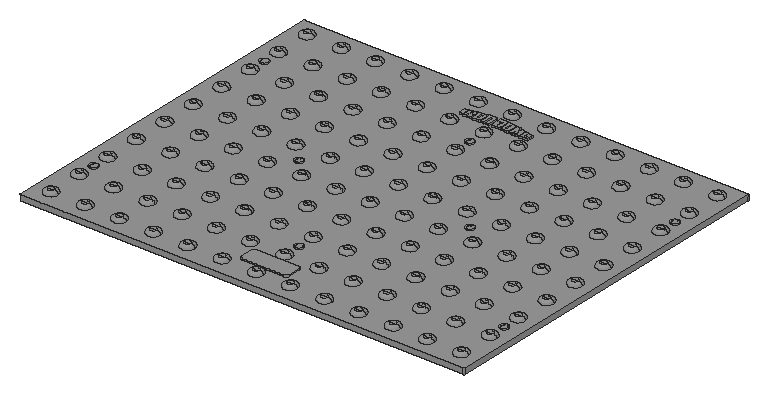
Revit family "Detectable-Warning-Surfaces_Cast-Iron-Dome-24x30_ADA-Solutions", category Generic Models, host Floor, Revit 2026 (continued)
Automatic sketch dimensions
  radius of Blend 92 sketch curve = 0.225"
  radius of Blend 93 sketch curve = 0.45206"
  radius of Blend 93 sketch curve = 0.225"
  radius of Blend 94 sketch curve = 0.45206"
  radius of Blend 94 sketch curve = 0.225"
  radius of Blend 95 sketch curve = 0.45206"
  radius of Blend 95 sketch curve = 0.225"
  radius of Blend 96 sketch curve = 0.45206"
  radius of Blend 96 sketch curve = 0.225"
  radius of Blend 97 sketch curve = 0.45206"
  radius of Blend 97 sketch curve = 0.225"
  radius of Blend 98 sketch curve = 0.45206"
  radius of Blend 98 sketch curve = 0.225"
  radius of Blend 99 sketch curve = 0.45206"
  radius of Blend 99 sketch curve = 0.225"
  radius of Blend 100 sketch curve = 0.45206"
  radius of Blend 100 sketch curve = 0.225"
  radius of Blend 101 sketch curve = 0.45206"
  radius of Blend 101 sketch curve = 0.225"
  radius of Blend 102 sketch curve = 0.45206"
  radius of Blend 102 sketch curve = 0.225"
  radius of Blend 103 sketch curve = 0.45206"
  radius of Blend 103 sketch curve = 0.225"
  radius of Blend 104 sketch curve = 0.45206"
  radius of Blend 104 sketch curve = 0.225"
  radius of Blend 105 sketch curve = 0.45206"
  radius of Blend 105 sketch curve = 0.225"
  radius of Blend 106 sketch curve = 0.45206"
  radius of Blend 106 sketch curve = 0.225"
  radius of Blend 107 sketch curve = 0.45206"
  radius of Blend 107 sketch curve = 0.225"
  radius of Blend 108 sketch curve = 0.45206"
  radius of Blend 108 sketch curve = 0.225"
  radius of Blend 109 sketch curve = 0.45206"
  radius of Blend 109 sketch curve = 0.225"
  radius of Blend 110 sketch curve = 0.45206"
  radius of Blend 110 sketch curve = 0.225"
  radius of Blend 111 sketch curve = 0.45206"
  radius of Blend 111 sketch curve = 0.225"
  radius of Blend 112 sketch curve = 0.45206"
  radius of Blend 112 sketch curve = 0.225"
  radius of Blend 113 sketch curve = 0.45206"
  radius of Blend 113 sketch curve = 0.225"
  radius of Blend 114 sketch curve = 0.45206"
  radius of Blend 114 sketch curve = 0.225"
  radius of Blend 115 sketch curve = 0.45206"
  radius of Blend 115 sketch curve = 0.225"
  radius of Blend 116 sketch curve = 0.45206"
  radius of Blend 116 sketch curve = 0.225"
  radius of Blend 117 sketch curve = 0.45206"
  radius of Blend 117 sketch curve = 0.225"
  radius of Blend 118 sketch curve = 0.45206"
  radius of Blend 118 sketch curve = 0.225"
  radius of Blend 119 sketch curve = 0.45206"
  radius of Blend 119 sketch curve = 0.225"
  radius of Blend 120 sketch curve = 0.45206"
  radius of Blend 120 sketch curve = 0.225"
  radius of Blend 121 sketch curve = 0.45206"
  radius of Blend 121 sketch curve = 0.225"
  radius of Blend 122 sketch curve = 0.45206"
  radius of Blend 122 sketch curve = 0.225"
  radius of Blend 123 sketch curve = 0.45206"
  radius of Blend 123 sketch curve = 0.225"
  radius of Blend 124 sketch curve = 0.45206"
  radius of Blend 124 sketch curve = 0.225"
  radius of Blend 125 sketch curve = 0.45206"
  radius of Blend 125 sketch curve = 0.225"
  radius of Blend 126 sketch curve = 0.45206"
  radius of Blend 126 sketch curve = 0.225"
  radius of Blend 127 sketch curve = 0.45206"
  radius of Blend 127 sketch curve = 0.225"
  radius of Blend 128 sketch curve = 0.45206"
  radius of Blend 128 sketch curve = 0.225"
  radius of Blend 129 sketch curve = 0.45206"
  radius of Blend 129 sketch curve = 0.225"
  radius of Blend 130 sketch curve = 0.45206"
  radius of Blend 130 sketch curve = 0.225"
  radius of Blend 131 sketch curve = 0.45206"
  radius of Blend 131 sketch curve = 0.225"
  radius of Blend 132 sketch curve = 0.45206"
  radius of Blend 132 sketch curve = 0.225"
  radius of Blend 133 sketch curve = 0.45206"
  radius of Blend 133 sketch curve = 0.225"
  radius of Extrusion 1 sketch curve = 0.1875"  (x8)
  radius of Extrusion 134 sketch curve = 0.2698"  (x8)
Types (9): name | Color
  ADA Dark Gray | ADA Dark Gray
  ADA Black | ADA Black
  ADA Blue | ADA Blue
  ADA Yellow | ADA Yellow
  ADA Safety Red | ADA Safety Red
  ADA Clay Red | ADA Clay Red
  ADA Brick Red | ADA Brick Red
  ADA Seattle Yellow | ADA Seattle Yellow
  ADA White | ADA White
